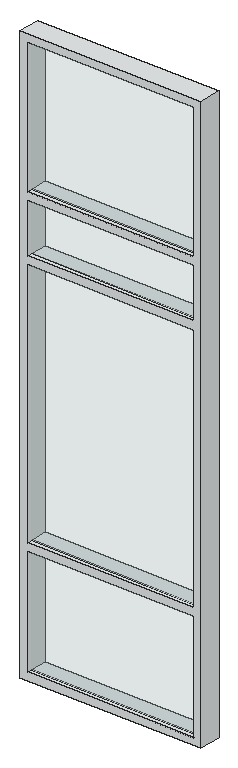
Revit family "CT_Janela_Painel_4Vid_Asim", category Windows, host Wall, Revit 2025
Family settings
  Host = Wall
  OmniClass Number = 23.30.20.00
  OmniClass Title = Windows
  Always vertical = Yes
  Cut with Voids When Loaded = No
  Shared = No
  Room Calculation Point = Yes
Parameters (values of type "JAN_FAC_6PA_MED_A")
  Material_Vidro = CT_Vidros
  Material_Painel_Inferior [instance] = CT_Vidros
  Material_Esquadria = CT_Esquadrias_Aluminio
  Height [instance] = 4.000 m
  Espess_Esquadria = 0.050 m
  Define Thermal Properties by = Schematic Type
  Default Sill Height = 0.800 m
  Wall Closure = By host
  Width [instance] = 1.250 m
  Analytic Construction = "<None>"
  Alt_Bandeira_Sup = 1.000 m
  Alt_Bandeira_Inf = 1.800 m
Reference planes (m)
  plane 1 "Center (Front/Back)": y = 0
  plane 2 "Center (Left/Right)": x = 0
  plane 3 "Right": x = 1.25
  plane 4 "Sill": z = 0.8
  plane 5 "Head": z = 4
  plane 6 "Exterior": y = -0.654861
  plane 7 "Interior": y = -0.754861
  plane 8: z = 3
  plane 9: z = 2.6
Forms (m)
  Extrusion 1, solid, material "CT_Esquadrias_Aluminio" <- "Material_Esquadria"
    sketch origin (0, -0.654861, 0) x (1, 0, 0) y (0, 0, 1)
      loop
        line (1.25, 4) -> (0, 4) -> (0, 0) -> (1.25, 0) -> (1.25, 4)
      loop
        line (0.05, 0.8) -> (0.05, 0.05) -> (1.2, 0.05) -> (1.2, 0.8) -> (0.05, 0.8)
      loop
        line (1.2, 3.95) -> (0.05, 3.95) -> (0.05, 3.025) -> (1.2, 3.025) -> (1.2, 3.95)
      loop
        line (0.05, 2.975) -> (0.05, 2.625) -> (1.2, 2.625) -> (1.2, 2.975) -> (0.05, 2.975)
      loop
        line (1.2, 0.85) -> (1.2, 2.575) -> (0.05, 2.575) -> (0.05, 0.85) -> (1.2, 0.85)
    from -0.05 to 0.1
  Extrusion 2, solid, material "CT_Vidros" <- "Material_Vidro"
    sketch origin (0, -0.654861, 0) x (1, 0, 0) y (0, 0, 1)
      loop
        line (1.2, 3.95) -> (0.05, 3.95) -> (0.05, 3.025) -> (1.2, 3.025) -> (1.2, 3.95)
      loop
        line (1.2, 2.975) -> (0.05, 2.975) -> (0.05, 2.625) -> (1.2, 2.625) -> (1.2, 2.975)
      loop
        line (1.2, 2.575) -> (0.05, 2.575) -> (0.05, 0.85) -> (1.2, 0.85) -> (1.2, 2.575)
    from 0.062444 to 0.074642
  Extrusion 3, solid, material "CT_Vidros" <- "Material_Vidro"
    sketch origin (0, -0.654861, 0) x (1, 0, 0) y (0, 0, 1)
      loop
        line (1.2, 0.8) -> (0.05, 0.8) -> (0.05, 0.05) -> (1.2, 0.05) -> (1.2, 0.8)
    from 0.062444 to 0.074642
Lines and regions (m)
  Opening 1
    outline origin (4.19, -0.754861, 0) x (1, 0, 0) y (0, 0, 1)
      loop
        line (-2.94, 0) -> (-2.94, 4) -> (-4.19, 4) -> (-4.19, 0) -> (-2.94, 0)
Text (m)
  text "EXTERIOR" at (-1.963203, 1.332353, 0), in view "Ref. Level"
  text "INTERIOR" at (-1.981466, -0.818386, 0), in view "Ref. Level"
  text "Exterior" at (0, 0.923751, 2.943296), in view "Right"
  text "Exterior" at (0, 1.040484, 2.685409), in view "Left"
Dimensions and locks (m)
  "Width": plane 2 "Center (Left/Right)" to plane 3 "Right"
  level to plane 5 "Head" = 4.000 m
  "Default Sill Height": plane 4 "Sill" to level
  locked: plane 6 "Exterior" to host wall
  locked: plane 7 "Interior" to host wall
  "Alt_Bandeira_Sup": plane 8 to plane 5 "Head"
  "Alt_Bandeira_Inf": plane 4 "Sill" to plane 9
  equal spacing: Extrusion 1 sketch curve, plane 8, Extrusion 1 sketch curve
  Extrusion 1 sketch curve to Extrusion 1 sketch curve = 0.050 m
  "Espess_Esquadria": Extrusion 1 sketch curve to Extrusion 1 sketch curve  (x5)
  equal spacing: Extrusion 1 sketch curve, plane 9, Extrusion 1 sketch curve
  locked: Extrusion 1 to Extrusion 2 at 0.025358
  locked: Extrusion 2 to Extrusion 2 at 0.012199
  "Height": plane 5 "Head" to level
  locked: Extrusion 1 to Extrusion 1 at 0.15
  "Espess_Esquadria": plane 2 "Center (Left/Right)" to Extrusion 3
  aligned and locked: plane 7 "Interior" to Extrusion 1
  aligned and locked: Extrusion 1 to plane 3 "Right"
  aligned and locked: Extrusion 1 sketch curve to Extrusion 1 sketch curve  (x2)
  aligned and locked: Extrusion 1 to Extrusion 2 sketch curve  (x5)
  aligned and locked: Extrusion 2 sketch curve to Extrusion 1  (x7)
  aligned and locked: Extrusion 3 sketch curve to Extrusion 1  (x4)
  aligned and locked: Extrusion 2 to Extrusion 3
  aligned and locked: Extrusion 3 to Extrusion 2
  aligned and locked: level to Opening 1 sketch curve
  aligned and locked: Opening 1 sketch curve to plane 3 "Right"
  aligned and locked: Extrusion 1 to Extrusion 1  (x3)
Automatic sketch dimensions
  plane 2 "Center (Left/Right)" to Opening 1 sketch curve = 0.000 m
  Opening 1 sketch curve to plane 5 "Head" = 0.000 m
  Extrusion 1 sketch curve to level = 0.000 m
  plane 2 "Center (Left/Right)" to Extrusion 1 sketch curve = 0.000 m
  Extrusion 1 sketch curve to plane 4 "Sill" = 0.000 m
  Extrusion 1 sketch curve to plane 3 "Right" = 0.000 m
  Extrusion 1 sketch curve to plane 5 "Head" = 0.000 m
  Extrusion 1 sketch curve to plane 2 "Center (Left/Right)" = 0.050 m  (x4)
  Extrusion 1 sketch curve to Extrusion 1 sketch curve = 0.050 m
  Extrusion 1 sketch curve to plane 9 = 0.025 m
